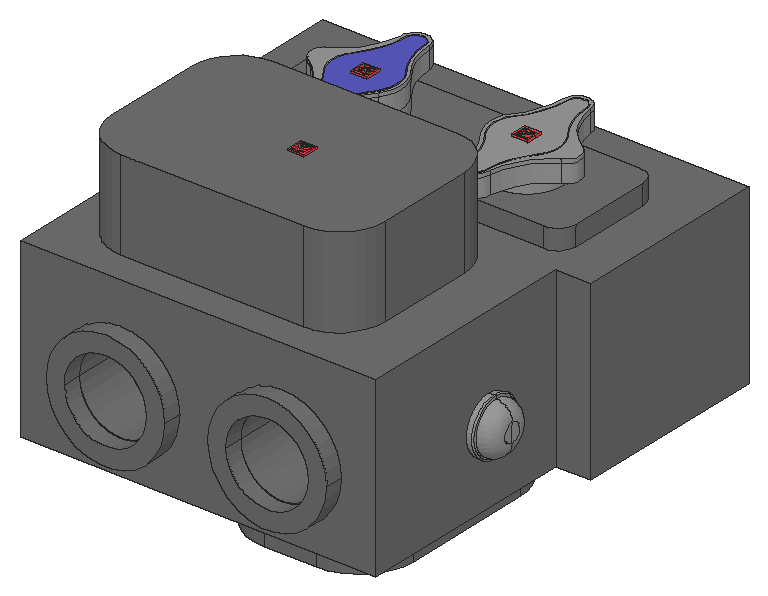
Revit family "HerzCon-Direktanschluss für FanCoils 90mm", category Rohrzubehör, Revit 2021 (continued)
Definition of nested family "Flügelgriff rot (seite)"
  Forms (mm)
    Extrusion 4, void
      sketch origin (0, 0, 0) x (1, 0, 0) y (0, 1, 0)
        loop
          arc (22.401, 17.336) -> (23.744, 16.174) -> (23.633, 14.401) r 2
          line (23.633, 14.401) -> (18.5, 5.5) -> (18.5, -5.5)
      from 5 to -5
  Cuts and joins
    Extrusion 3, Extrusion 4 cuts Extrusion 2
    Extrusion 4 cuts Revolve 1
  Dimensions and locks
    aligned and locked: level to plane 2
Definition of nested family "Herz-Logo"
  Parameters (values of type "Herz-Logo")
    Default Elevation = 0.00 mm
  Reference planes
    plane 1 "Mitte (Vorne/hinten)": y = 0
    plane 2: z = 0
    plane 3 "Mitte (Links/rechts)": x = 0
  Forms (mm)
    Extrusion 1, solid
      sketch origin (0, 0, 0) x (1, 0, 0) y (0, 1, 0)
        loop
          line (-0.018, -4.517) -> (4.482, -4.517) -> (4.482, 4.483) -> (-4.518, 4.483) -> (-4.518, -4.517) -> (-0.018, -4.517)
        loop
          line (-0.05, -3.48) -> (3.482, -3.48) -> (3.482, 3.483) -> (-3.518, 3.483) -> (-3.518, -3.48) -> (-0.05, -3.48)
        loop
          arc (-0.018, 2.383) -> (-1.543, 3.287) -> (-3.067, 2.383) r 1.738
          arc (-3.067, 2.383) -> (-3.191, 1.899) -> (-3.067, 1.415) r 1.009
          line (-3.067, 1.415) -> (-0.018, -3.281) -> (3.032, 1.415)
          arc (3.032, 1.415) -> (3.156, 1.899) -> (3.032, 2.383) r 1.009
          arc (3.032, 2.383) -> (1.507, 3.287) -> (-0.018, 2.383) r 1.738
        loop
          arc (1.885, 1.272) -> (2.005, 1.675) -> (1.885, 2.079) r 0.74
          arc (1.885, 2.079) -> (1.265, 2.416) -> (0.644, 2.079) r 0.74
          line (0.644, 2.079) -> (-0.018, 0.97) -> (-0.679, 2.079)
          arc (-0.679, 2.079) -> (-1.3, 2.416) -> (-1.921, 2.079) r 0.74
          arc (-1.921, 2.079) -> (-2.04, 1.675) -> (-1.921, 1.272) r 0.74
          line (-1.921, 1.272) -> (-0.018, -1.658) -> (1.885, 1.272)
      from 0 to 1.5
  Dimensions and locks
    aligned and locked: level to plane 2
